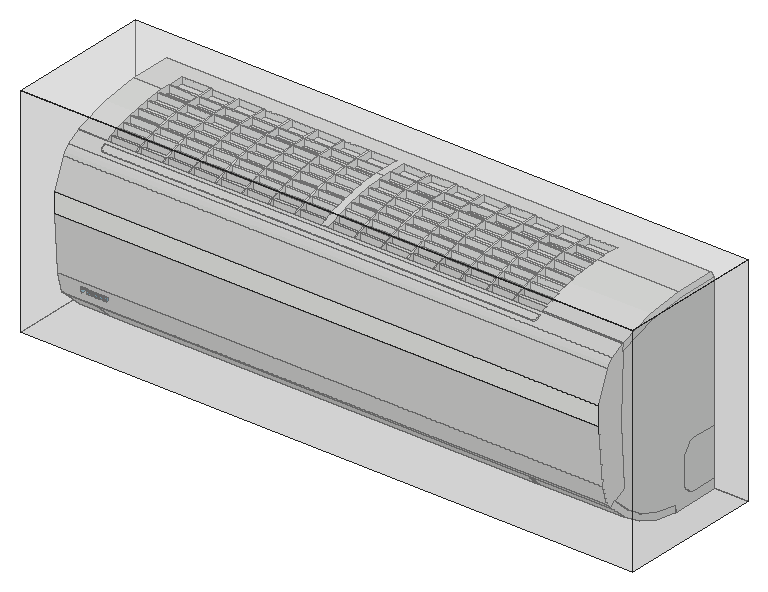
Revit family "outputfile", category 機械設備, Revit 2024 (continued)
Definition of nested family "DAIKIN_indoorunit_FTNE-AXVL9"
  Definition of nested family "daikin_logo_plane_w40"
    Automatic sketch dimensions
      Extrusion 1 sketch curve to Extrusion 1 sketch curve = 2.116 mm
      Extrusion 1 sketch curve to Extrusion 1 sketch curve = 1.114 mm  (x4)
      Extrusion 1 sketch curve to Extrusion 1 sketch curve = 1.336 mm  (x2)
      plane 1 "Center (Front/Back)" to Extrusion 1 sketch curve = 1.878 mm  (x5)
      Extrusion 1 sketch curve to Extrusion 1 sketch curve = 1.893 mm  (x5)
      Extrusion 1 sketch curve to Extrusion 1 sketch curve = 0.891 mm  (x4)
      Extrusion 1 sketch curve to Extrusion 1 sketch curve = 2.005 mm  (x3)
      Extrusion 1 sketch curve to Extrusion 1 sketch curve = 0.445 mm  (x2)
      plane 1 "Center (Front/Back)" to Extrusion 1 sketch curve = 3.994 mm
      Extrusion 1 sketch curve to Extrusion 1 sketch curve = 0.557 mm  (x2)
      Extrusion 1 sketch curve to Extrusion 1 sketch curve = 2.339 mm  (x2)
      Extrusion 1 sketch curve to Extrusion 1 sketch curve = 1.225 mm  (x3)
      plane 1 "Center (Front/Back)" to Extrusion 1 sketch curve = 3.153 mm
      Extrusion 1 sketch curve to Extrusion 1 sketch curve = 0.987 mm
      plane 1 "Center (Front/Back)" to Extrusion 1 sketch curve = 5.122 mm
      Extrusion 1 sketch curve to Extrusion 1 sketch curve = 0.922 mm
      plane 1 "Center (Front/Back)" to Extrusion 1 sketch curve = 6.332 mm
      Extrusion 1 sketch curve to Extrusion 1 sketch curve = 2.562 mm
      plane 1 "Center (Front/Back)" to Extrusion 1 sketch curve = 5.553 mm
      Extrusion 1 sketch curve to Extrusion 1 sketch curve = 0.167 mm
      Extrusion 1 sketch curve to Extrusion 1 sketch curve = 0.215 mm
      plane 1 "Center (Front/Back)" to Extrusion 1 sketch curve = 3.214 mm
      Extrusion 1 sketch curve to Extrusion 1 sketch curve = 0.286 mm
      plane 1 "Center (Front/Back)" to Extrusion 1 sketch curve = 4.551 mm
      Extrusion 1 sketch curve to Extrusion 1 sketch curve = 1.002 mm
      Extrusion 1 sketch curve to Extrusion 1 sketch curve = 0.537 mm
      Extrusion 1 sketch curve to Extrusion 1 sketch curve = 0.418 mm
      Extrusion 1 sketch curve to Extrusion 1 sketch curve = 1.028 mm
      plane 1 "Center (Front/Back)" to Extrusion 1 sketch curve = 4.261 mm
      Extrusion 1 sketch curve to Extrusion 1 sketch curve = 0.563 mm
      plane 1 "Center (Front/Back)" to Extrusion 1 sketch curve = 2.88 mm
      Extrusion 1 sketch curve to Extrusion 1 sketch curve = 1.088 mm
      Extrusion 1 sketch curve to Extrusion 1 sketch curve = 2.152 mm
      Extrusion 1 sketch curve to Extrusion 1 sketch curve = 0.586 mm
      Extrusion 1 sketch curve to Extrusion 1 sketch curve = 0.118 mm
      Extrusion 1 sketch curve to Extrusion 1 sketch curve = 0.298 mm
      Extrusion 1 sketch curve to Extrusion 1 sketch curve = 0.334 mm
      Extrusion 1 sketch curve to Extrusion 1 sketch curve = 0.223 mm
      Extrusion 1 sketch curve to Extrusion 1 sketch curve = 0.266 mm
      Extrusion 1 sketch curve to Extrusion 1 sketch curve = 1.671 mm
      Extrusion 1 sketch curve to Extrusion 1 sketch curve = 2.227 mm
      Extrusion 1 sketch curve to Extrusion 1 sketch curve = 0.0 mm  (x7)
      Extrusion 1 sketch curve to Extrusion 1 sketch curve = 3.453 mm
      Extrusion 1 sketch curve to Extrusion 1 sketch curve = 2.017 mm
      Extrusion 1 sketch curve to Extrusion 1 sketch curve = 0.78 mm  (x2)
      Extrusion 1 sketch curve to Extrusion 1 sketch curve = 1.743 mm
      Extrusion 1 sketch curve to Extrusion 1 sketch curve = 0.775 mm
      Extrusion 1 sketch curve to Extrusion 1 sketch curve = 0.552 mm
      Extrusion 1 sketch curve to Extrusion 1 sketch curve = 0.014 mm
      Extrusion 1 sketch curve to Extrusion 1 sketch curve = 0.952 mm
      Extrusion 1 sketch curve to Extrusion 1 sketch curve = 1.215 mm
      Extrusion 1 sketch curve to Extrusion 1 sketch curve = 0.108 mm
      plane 1 "Center (Front/Back)" to Extrusion 2 sketch curve = 0.0 mm
      Extrusion 2 sketch curve to plane 3 "Center (Left/Right)" = 19.0 mm
      Extrusion 2 sketch curve to plane 3 "Center (Left/Right)" = 14.765 mm
      Extrusion 2 sketch curve to Extrusion 2 sketch curve = 4.465 mm
      plane 1 "Center (Front/Back)" to Extrusion 2 sketch curve = 3.879 mm
      Extrusion 2 sketch curve to Extrusion 2 sketch curve = 4.12 mm
      plane 1 "Center (Front/Back)" to Extrusion 3 sketch curve = 0.0 mm
      Extrusion 3 sketch curve to plane 3 "Center (Left/Right)" = 19.0 mm
      Extrusion 3 sketch curve to plane 3 "Center (Left/Right)" = 14.765 mm
      plane 1 "Center (Front/Back)" to Extrusion 3 sketch curve = 3.879 mm
      Extrusion 1 sketch curve to plane 3 "Center (Left/Right)" = 11.211 mm
      Extrusion 1 sketch curve to Extrusion 1 sketch curve = 1.782 mm
Definition of nested family "daikin_connector_rotate3"
  Parameters (values of type "daikin_connector_rotate3")
    show [instance] = yes
    radius [instance] = 10.0 mm
    length [instance] = 600.0 mm
    angle_horizontal [instance] = 60.00°
    angle_vertical [instance] = 90.00°
    Default Elevation = 1219.2 mm
  Reference planes
    plane 1 "Center (Front/Back)": y = 0
    plane 2: z = 0
    plane 3 "Center (Left/Right)": x = 0
  Dimensions and locks
    "angle_horizontal": angle plane 3 "Center (Left/Right)" to nested 1
    aligned and locked: level to plane 2
    aligned and locked: plane 1 "Center (Front/Back)" to nested 1  (x2)
    aligned and locked: plane 3 "Center (Left/Right)" to nested 1
  Nested families
    nested 1: "daikin_connector_rotate2" at (0, 0, 0) x (0.5, 0.866, 0) z (0, 0, 1), angle_vertical <- "angle_vertical", length <- "length", radius <- "radius", type "daikin_connector_rotate2"
      with radius 10.0 mm, length 600.0 mm, angle_vertical 90.00°
  Definition of nested family "daikin_connector_rotate2"
    Parameters (values of type "daikin_connector_rotate2")
      show_face = yes
      radius [instance] = 10.0 mm
      length [instance] = 600.0 mm
      d_surface = 10.0 mm
      angle_vertical [instance] = 90.00°
      Default Elevation = 0.0 mm
    Reference planes
      plane 1 "Center (Front/Back)": y = 0
      plane 2: z = 0
      plane 3 "Center (Left/Right)": x = 0
    Forms (mm)
      Extrusion 1, solid, visible <- "show_face"
        sketch origin (0, -600, 0) x (1, 0, 0) y (0, 0, 1)
          loop
            circle (0, 0) r 10
        from 0 to -10
    Lines and regions (mm)
      reference lines
        curve 1: line (0, 0, 0) -> (0, -600, 0)
      symbolic lines
        curve 2: circle (0, 0, 0) r 5 normal (0, 0, 1)
      model lines, visible <- "show_face"
        curve 3: line (0, 0, 0) -> (0, -600, 0)
    Dimensions and locks
      "length": curve 1 to curve 1
      "length": curve 3 to curve 3
      "d_surface": Extrusion 1 to Extrusion 1
      "radius": radius of Extrusion 1 sketch curve
      "angle_vertical": angle curve 1 to plane 1 "Center (Front/Back)"
      "angle_vertical": angle curve 3 to plane 1 "Center (Front/Back)"
      aligned and locked: level to plane 2
      aligned and locked: plane 1 "Center (Front/Back)" to curve 1
      aligned and locked: plane 2 to curve 1
      aligned and locked: plane 1 "Center (Front/Back)" to curve 2
      aligned and locked: plane 3 "Center (Left/Right)" to curve 2
      aligned and locked: plane 1 "Center (Front/Back)" to curve 3
      aligned and locked: plane 2 to curve 3
      aligned and locked: Extrusion 1 to Extrusion 1
    Automatic sketch dimensions
      Extrusion 1 sketch curve to level = 0.0 mm
      Extrusion 1 sketch curve to plane 3 "Center (Left/Right)" = 0.0 mm
      radius of curve 2 = 5.0 mm
